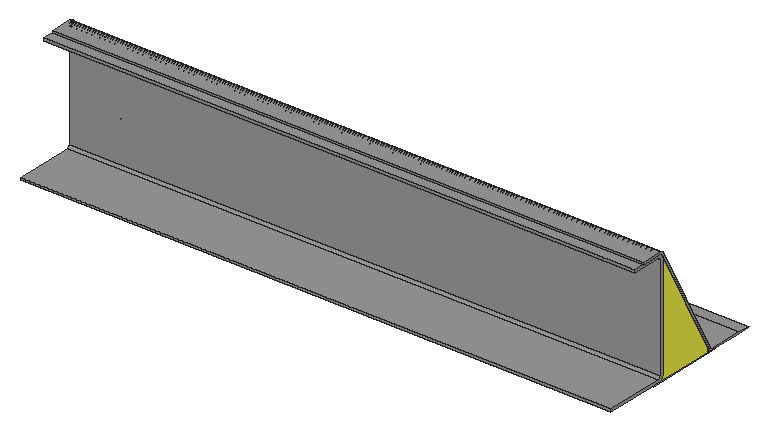
Revit family "XCFS K 130 WIL", category Generic Models, Revit 2014
Parameters (values of type "Max lintel length 3600mm")
  URL = "http://www.keystonelintels.co.uk"
  Structural Opening [instance] = 900 mm
  Structural Performance = "The Keystone lintel range has safe working loads as detailed in each applicable loading table in the Keystone Lintel Guide brochure. The structural performance figures within each table have been ascertained by testing in accordance with the requirements of standards BS EN 5977-2: 1983 and BS EN 845-2: 2003."
  RIBA Productor Selector = "available for Keystone Lintels Ltd from Keystone Lintels Ltd from ribaproductselector.com"
  Model = "XCFS/K 130 WIL"
  Min Length = 600 mm
  Min Clear Span = 300 mm
  Max Length = 3600 mm
  Max Clear Span = 3600 mm
  Material - Stainless Steel = "Grade 304 2b 1.4307 to BS EN 10088-2. Other grades available on request: contact manufacturer."
  Material - Galvanised Steel = "To BS EN 10346: 2009. DX51D plus Z600 or grade Z275 to BS 5977-2: 1983 (BS EN 845-2: 2003)."
  Manufacturer = "Keystone"
  Manufactured Length [instance] = (roundup(Effective Length / 150 mm) * 150 mm)  # 1200 mm
  Lintel height [instance] = 2100 mm
  Keynote = "F30/755"
  Fire Performance = "Keystone lintels have been subjected to a fire test (WARRES No. 101263) in accordance with BS 476-20: 1987, at Exova Warrington Fire and achieved a one hour fire performance."
  End Bearing = 150 mm
  Effective Length [instance] = Clear Opening with MIN MAX set + End Bearing * 2  # 1200 mm
  Corrosion = "Keystone’s standard range of lintels are manufactured from high quality grade pre-galvanized carbon steel with a zinc coating of 600"
  Contact Tel = "+44 (0)28 8676 2184"
  Contact Email = "info@keystonelintels.co.uk"
  Clear Opening with MIN MAX set [instance] = if(Structural Opening < Min Clear Span, Min Clear Span, (if(Structural Opening > Max Clear Span, Max Clear Span, Structural Opening)))  # 900 mm
  CPD Information = "Available for Keystone Lintels Ltd from ribacpd.com"
Reference planes
  plane 1 "Center (Front/Back)": y = 0
  plane 2: z = 0
  plane 3 "Center (Left/Right)": x = 0
  plane 4: x = -600
  plane 5: x = 600
  plane 6: z = 2100
  plane 7: x = -450
  plane 8: x = 450
Forms (mm)
  Extrusion 1, solid, material "Steel"
    sketch origin (0, 703.179, -493.091) x (0, 1, 0) y (0, 0, 1)
      loop
        line (-567.968, 2596.291) -> (-636.361, 2596.291)
        arc (-636.361, 2596.291) -> (-639.053, 2597.042) -> (-640.967, 2599.077) r 5.2
        line (-640.967, 2599.077) -> (-759.723, 2825.605)
        arc (-759.723, 2825.605) -> (-761.637, 2827.641) -> (-764.328, 2828.391) r 5.2
        line (-764.328, 2828.391) -> (-809.391, 2828.391) -> (-809.391, 2825.191) -> (-764.328, 2825.191)
        arc (-764.328, 2825.191) -> (-763.293, 2824.902) -> (-762.557, 2824.12) r 2
        line (-762.557, 2824.12) -> (-643.801, 2597.591)
        arc (-643.801, 2597.591) -> (-640.709, 2594.304) -> (-636.361, 2593.091) r 8.4
        line (-636.361, 2593.091) -> (-568.023, 2593.091) -> (-543.078, 2592.24) -> (-542.968, 2595.438) -> (-567.968, 2596.291)
    from -600 to 600
  Extrusion 2, solid, material "Steel"
    sketch origin (0, 703.179, -493.091) x (0, 1, 0) y (0, 0, 1)
      loop
        arc (-771.004, 2593.091) -> (-763.933, 2596.02) -> (-761.004, 2603.091) r 10
        line (-761.004, 2603.091) -> (-761.004, 2815.191)
        arc (-761.004, 2815.191) -> (-763.933, 2822.262) -> (-771.004, 2825.191) r 10
        line (-771.004, 2825.191) -> (-831.004, 2825.191) -> (-831.004, 2820.191) -> (-771.004, 2820.191)
        arc (-771.004, 2820.191) -> (-767.468, 2818.727) -> (-766.004, 2815.191) r 5
        line (-766.004, 2815.191) -> (-766.004, 2603.091)
        arc (-766.004, 2603.091) -> (-767.468, 2599.556) -> (-771.004, 2598.091) r 5
        line (-771.004, 2598.091) -> (-891.004, 2598.091) -> (-891.004, 2593.091) -> (-771.004, 2593.091)
    from -600 to 600
  Extrusion 3, solid, material "Steel"
    sketch origin (0, 703.179, -493.091) x (0, 1, 0) y (0, 0, 1)
      loop
        line (-783.667, 2592.091) -> (-628.636, 2592.091) -> (-628.636, 2593.091) -> (-645.636, 2593.091) -> (-645.636, 2601.091) -> (-646.636, 2601.091) -> (-646.636, 2593.091) -> (-783.667, 2593.091) -> (-783.667, 2592.091)
    from -600 to 600
  Extrusion 4, solid, material "Insulation"
    sketch origin (0, 703.179, -493.091) x (0, 1, 0) y (0, 0, 1)
      loop
        arc (-636.361, 2593.091) -> (-640.709, 2594.304) -> (-643.801, 2597.591) r 8.4
        line (-643.801, 2597.591) -> (-762.557, 2824.12)
        arc (-762.557, 2824.12) -> (-763.293, 2824.902) -> (-764.328, 2825.191) r 2
        line (-764.328, 2825.191) -> (-771.004, 2825.191)
        arc (-771.004, 2825.191) -> (-763.933, 2822.262) -> (-761.004, 2815.191) r 10
        line (-761.004, 2815.191) -> (-761.004, 2603.091)
        arc (-761.004, 2603.091) -> (-763.933, 2596.02) -> (-771.004, 2593.091) r 10
        line (-771.004, 2593.091) -> (-646.636, 2593.091) -> (-646.636, 2601.091) -> (-645.636, 2600.74) -> (-645.636, 2593.091) -> (-636.361, 2593.091)
    from -600 to 600
  Extrusion 5, solid, not visible
    sketch origin (0, 899.128, 1199.213) x (0, 1, 0) y (0, 0, 1)
      loop
        line (-567.968, 996.291) -> (-636.361, 996.291)
        arc (-636.361, 996.291) -> (-639.053, 997.042) -> (-640.967, 999.077) r 5.2
        line (-640.967, 999.077) -> (-759.723, 1225.605)
        arc (-759.723, 1225.605) -> (-761.637, 1227.641) -> (-764.328, 1228.391) r 5.2
        line (-764.328, 1228.391) -> (-809.391, 1228.391) -> (-809.391, 1225.191) -> (-764.328, 1225.191)
        arc (-764.328, 1225.191) -> (-763.293, 1224.902) -> (-762.557, 1224.12) r 2
        line (-762.557, 1224.12) -> (-643.801, 997.591)
        arc (-643.801, 997.591) -> (-640.709, 994.304) -> (-636.361, 993.091) r 8.4
        line (-636.361, 993.091) -> (-568.023, 993.091) -> (-543.078, 992.24) -> (-542.968, 995.438) -> (-567.968, 996.291)
    from 0 to 250
  Extrusion 6, solid, not visible
    sketch origin (0, 644.137, 1230.631) x (0, 1, 0) y (0, 0, 1)
      loop
        arc (-771.004, 993.091) -> (-763.933, 996.02) -> (-761.004, 1003.091) r 10
        line (-761.004, 1003.091) -> (-761.004, 1215.191)
        arc (-761.004, 1215.191) -> (-763.933, 1222.262) -> (-771.004, 1225.191) r 10
        line (-771.004, 1225.191) -> (-831.004, 1225.191) -> (-831.004, 1220.191) -> (-771.004, 1220.191)
        arc (-771.004, 1220.191) -> (-767.468, 1218.727) -> (-766.004, 1215.191) r 5
        line (-766.004, 1215.191) -> (-766.004, 1003.091)
        arc (-766.004, 1003.091) -> (-767.468, 999.556) -> (-771.004, 998.091) r 5
        line (-771.004, 998.091) -> (-891.004, 998.091) -> (-891.004, 993.091) -> (-771.004, 993.091)
    from 0 to 250
  Extrusion 7, solid, not visible
    sketch origin (0, 911.901, 1040.187) x (0, 1, 0) y (0, 0, 1)
      loop
        line (-783.667, 992.091) -> (-628.636, 992.091) -> (-628.636, 993.091) -> (-645.636, 993.091) -> (-645.636, 1001.091) -> (-646.636, 1001.091) -> (-646.636, 993.091) -> (-783.667, 993.091) -> (-783.667, 992.091)
    from 0 to 250
  Extrusion 8, solid, not visible
    sketch origin (0, 556.218, 853.551) x (0, 1, 0) y (0, 0, 1)
      loop
        arc (-636.361, 993.091) -> (-640.709, 994.304) -> (-643.801, 997.591) r 8.4
        line (-643.801, 997.591) -> (-762.557, 1224.12)
        arc (-762.557, 1224.12) -> (-763.293, 1224.902) -> (-764.328, 1225.191) r 2
        line (-764.328, 1225.191) -> (-771.004, 1225.191)
        arc (-771.004, 1225.191) -> (-763.933, 1222.262) -> (-761.004, 1215.191) r 10
        line (-761.004, 1215.191) -> (-761.004, 1003.091)
        arc (-761.004, 1003.091) -> (-763.933, 996.02) -> (-771.004, 993.091) r 10
        line (-771.004, 993.091) -> (-646.636, 993.091) -> (-646.636, 1001.091) -> (-645.636, 1000.74) -> (-645.636, 993.091) -> (-636.361, 993.091)
    from 0 to 250
Dimensions and locks
  equal spacing: plane 4, plane 3 "Center (Left/Right)", plane 5
  "Manufactured Length": plane 4 to plane 5
  "Lintel height": plane 6 to level
  "Structural Opening": plane 7 to plane 8
  equal spacing: plane 7, plane 3 "Center (Left/Right)", plane 8
  aligned and locked: level to plane 2
  aligned and locked: Extrusion 1 to plane 6
  aligned and locked: Extrusion 4 to plane 6
  aligned and locked: Extrusion 2 to plane 6
  aligned and locked: plane 6 to Extrusion 3
  aligned and locked: plane 5 to Extrusion 1
  aligned and locked: Extrusion 1 to plane 4
  aligned and locked: plane 5 to Extrusion 4
  aligned and locked: Extrusion 4 to plane 4
  aligned and locked: plane 5 to Extrusion 3
  aligned and locked: Extrusion 3 to plane 4
  aligned and locked: plane 5 to Extrusion 2
  aligned and locked: Extrusion 2 to plane 4
Automatic sketch dimensions
  Extrusion 1 sketch curve to Extrusion 1 sketch curve = 68.393 mm
  Extrusion 1 sketch curve to Extrusion 1 sketch curve = 0.853 mm
  Extrusion 1 sketch curve to Extrusion 1 sketch curve = 0.055 mm
  Extrusion 1 sketch curve to Extrusion 1 sketch curve = 0.109 mm
  Extrusion 1 sketch curve to Extrusion 1 sketch curve = 3.198 mm
  Extrusion 1 sketch curve to Extrusion 1 sketch curve = 5.2 mm
  Extrusion 1 sketch curve to Extrusion 1 sketch curve = 7.44 mm
  Extrusion 1 sketch curve to Extrusion 1 sketch curve = 2.834 mm  (x2)
  Extrusion 1 sketch curve to Extrusion 1 sketch curve = 118.756 mm
  Extrusion 1 sketch curve to Extrusion 1 sketch curve = 226.529 mm
  Extrusion 1 sketch curve to Extrusion 1 sketch curve = 1.486 mm
  Extrusion 1 sketch curve to Extrusion 1 sketch curve = 1.771 mm
  Extrusion 1 sketch curve to Extrusion 1 sketch curve = 0.929 mm
  Extrusion 1 sketch curve to Extrusion 1 sketch curve = 45.062 mm
  Extrusion 2 sketch curve to Extrusion 2 sketch curve = 120 mm
  Extrusion 2 sketch curve to Extrusion 2 sketch curve = 5 mm  (x3)
  Extrusion 2 sketch curve to Extrusion 2 sketch curve = 0 mm  (x8)
  Extrusion 2 sketch curve to Extrusion 2 sketch curve = 212.1 mm
  Extrusion 2 sketch curve to Extrusion 2 sketch curve = 60 mm
  Extrusion 3 sketch curve to Extrusion 3 sketch curve = 155.031 mm
  Extrusion 3 sketch curve to Extrusion 3 sketch curve = 1 mm  (x2)
  Extrusion 3 sketch curve to Extrusion 3 sketch curve = 17 mm
  Extrusion 3 sketch curve to Extrusion 3 sketch curve = 8 mm
  Extrusion 3 sketch curve to Extrusion 3 sketch curve = 0 mm
  Extrusion 4 sketch curve to Extrusion 4 sketch curve = 0 mm  (x5)
  Extrusion 4 sketch curve to Extrusion 4 sketch curve = 6.676 mm
  Extrusion 4 sketch curve to Extrusion 4 sketch curve = 1.771 mm
  Extrusion 4 sketch curve to Extrusion 4 sketch curve = 3.324 mm
  Extrusion 4 sketch curve to Extrusion 4 sketch curve = 114.368 mm
  Extrusion 4 sketch curve to Extrusion 4 sketch curve = 1 mm
  Extrusion 4 sketch curve to Extrusion 4 sketch curve = 1.835 mm
  Extrusion 4 sketch curve to Extrusion 4 sketch curve = 7.44 mm
  Extrusion 4 sketch curve to Extrusion 4 sketch curve = 4.5 mm
  Extrusion 4 sketch curve to Extrusion 4 sketch curve = 3.5 mm
  Extrusion 4 sketch curve to Extrusion 4 sketch curve = 3.9 mm
  Extrusion 4 sketch curve to Extrusion 4 sketch curve = 10 mm
  Extrusion 4 sketch curve to Extrusion 4 sketch curve = 212.1 mm
  Extrusion 4 sketch curve to Extrusion 4 sketch curve = 2 mm
  Extrusion 4 sketch curve to Extrusion 4 sketch curve = 0.929 mm
  Extrusion 4 sketch curve to Extrusion 4 sketch curve = 0.351 mm
  Extrusion 5 sketch curve to Extrusion 5 sketch curve = 68.393 mm
  Extrusion 5 sketch curve to Extrusion 5 sketch curve = 0.853 mm
  Extrusion 5 sketch curve to Extrusion 5 sketch curve = 0.055 mm
  Extrusion 5 sketch curve to Extrusion 5 sketch curve = 0.109 mm
  Extrusion 5 sketch curve to Extrusion 5 sketch curve = 3.198 mm
  Extrusion 5 sketch curve to Extrusion 5 sketch curve = 5.2 mm
  Extrusion 5 sketch curve to Extrusion 5 sketch curve = 7.44 mm
  Extrusion 5 sketch curve to Extrusion 5 sketch curve = 0 mm  (x8)
  Extrusion 5 sketch curve to Extrusion 5 sketch curve = 2.834 mm  (x2)
  Extrusion 5 sketch curve to Extrusion 5 sketch curve = 118.756 mm
  Extrusion 5 sketch curve to Extrusion 5 sketch curve = 226.529 mm
  Extrusion 5 sketch curve to Extrusion 5 sketch curve = 1.486 mm
  Extrusion 5 sketch curve to Extrusion 5 sketch curve = 1.771 mm
  Extrusion 5 sketch curve to Extrusion 5 sketch curve = 0.929 mm
  Extrusion 5 sketch curve to Extrusion 5 sketch curve = 45.062 mm
  Extrusion 6 sketch curve to Extrusion 6 sketch curve = 120 mm
  Extrusion 6 sketch curve to Extrusion 6 sketch curve = 5 mm  (x3)
  Extrusion 6 sketch curve to Extrusion 6 sketch curve = 0 mm  (x8)
  Extrusion 6 sketch curve to Extrusion 6 sketch curve = 212.1 mm
  Extrusion 6 sketch curve to Extrusion 6 sketch curve = 60 mm
  Extrusion 7 sketch curve to Extrusion 7 sketch curve = 155.031 mm
  Extrusion 7 sketch curve to Extrusion 7 sketch curve = 1 mm  (x2)
  Extrusion 7 sketch curve to Extrusion 7 sketch curve = 17 mm
  Extrusion 7 sketch curve to Extrusion 7 sketch curve = 8 mm
  Extrusion 7 sketch curve to Extrusion 7 sketch curve = 0 mm
  Extrusion 8 sketch curve to Extrusion 8 sketch curve = 0 mm  (x5)
  Extrusion 8 sketch curve to Extrusion 8 sketch curve = 6.676 mm
  Extrusion 8 sketch curve to Extrusion 8 sketch curve = 1.771 mm
  Extrusion 8 sketch curve to Extrusion 8 sketch curve = 3.324 mm
  Extrusion 8 sketch curve to Extrusion 8 sketch curve = 114.368 mm
  Extrusion 8 sketch curve to Extrusion 8 sketch curve = 1 mm
  Extrusion 8 sketch curve to Extrusion 8 sketch curve = 1.835 mm
  Extrusion 8 sketch curve to Extrusion 8 sketch curve = 7.44 mm
  Extrusion 8 sketch curve to Extrusion 8 sketch curve = 4.5 mm
  Extrusion 8 sketch curve to Extrusion 8 sketch curve = 3.5 mm
  Extrusion 8 sketch curve to Extrusion 8 sketch curve = 3.9 mm
  Extrusion 8 sketch curve to Extrusion 8 sketch curve = 10 mm
  Extrusion 8 sketch curve to Extrusion 8 sketch curve = 212.1 mm
  Extrusion 8 sketch curve to Extrusion 8 sketch curve = 2 mm
  Extrusion 8 sketch curve to Extrusion 8 sketch curve = 0.929 mm
  Extrusion 8 sketch curve to Extrusion 8 sketch curve = 0.351 mm
  Extrusion 1 sketch curve to Extrusion 1 sketch curve = 0 mm  (x8)
  Extrusion 1 sketch curve to plane 6 = 0 mm
  plane 1 "Center (Front/Back)" to Extrusion 1 sketch curve = 106.212 mm
  Extrusion 2 sketch curve to plane 6 = 0 mm
  plane 1 "Center (Front/Back)" to Extrusion 2 sketch curve = 187.825 mm
  Extrusion 4 sketch curve to plane 6 = 0 mm
  plane 1 "Center (Front/Back)" to Extrusion 4 sketch curve = 67.825 mm
  Extrusion 3 sketch curve to plane 6 = 0 mm
  plane 1 "Center (Front/Back)" to Extrusion 3 sketch curve = 80.488 mm
